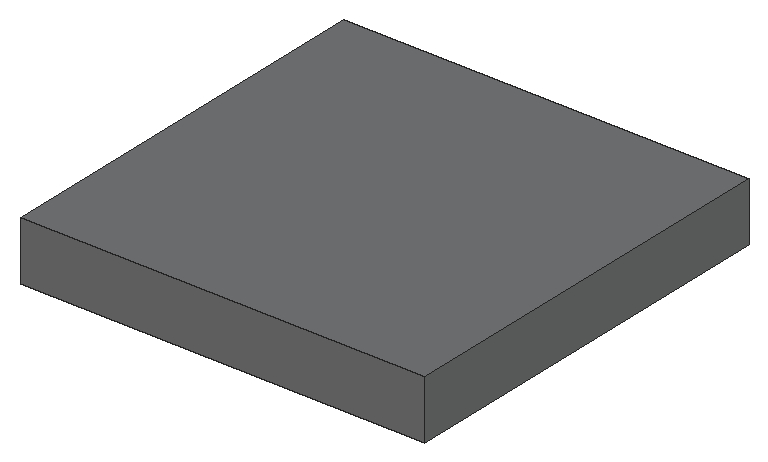
Revit family "Gira_026828", category Electrical Fixtures, host Face, Revit 2017
Family settings
  Host = Face
  Maintain Annotation Orientation = No
  Round Connector Dimension = Use Diameter
  Part Type = Normal
  Cut with Voids When Loaded = No
  Shared = No
  Room Calculation Point = No
Parameters (values of type "Blank cov.pl. sup.ring System 55 anthra.")
  With strain relief = "No"
  With imprint = "No"
  With hinged lid = "No"
  With dust cover = "No"
  Utilization = "Blind cap"
  URL = "http://katalog.gira.de/en/datenblatt.html?artikelnr=026828"
  Type of fastening = "Mounting with screw"
  Transparent = "No"
  Surface protection = "Other"
  Surface finishing = "Not applicable"
  Support ring = "Yes"
  Suitable for degree of protection (IP) = "IP20"
  Name = "Blank cov.pl. sup.ring System 55 anthra."
  Mounting method = "Flush mounted (plaster)"
  Material quality = "Thermoplastic"
  Material = "Plastic"
  Manufacturer URL = "https://www.gira.de/"
  Manufacturer = "Gira"
  Luster terminal = "No"
  Keynote = ""
  Imprintable label = "Without indication field"
  HeinzeBIM = "https://bimportal.heinze.de/bim/blank-cov-pl-sup-ring-system-55-anthra-/7f3e2bd677397e55877b72f0f19d3fd5c749fbce"
  Halogen free = "Yes"
  HAN = "026828"
  GTIN = "4010337268284"
  Description = "Bl.cov.pl.sup.r. Sys55 AN,Blank cover plate with support ring,,anthracite,Notes :,- For screw mounting only."
  Default Elevation = 1219.2 mm
  Data sheet (1) = "https://katalog.gira.de/en/download.html?artikelnr=026828"
  Colour = "Anthracite"
  Category = "Insert/cover for communication technology"
  BIM (1) = "https://media.stage.bim.site/public/gira/36a6b08/Sys55_Abdeckung_Schalten und Tasten.rfa?public/gira/36a6b08/Sys55_Abdeckung_Schalten und Tasten.rfa"
  Available = "No"
  Assembly arrangement = "Central cover plate"
  Anthrazit [instance] = Anthrazit
Reference planes
  plane 1 "Center (Front/Back)": y = 0
  plane 2: z = 0
  plane 3 "Center (Left/Right)": x = 0
Forms (mm)
  Extrusion 1, solid, material "Anthrazit" <- "Anthrazit", detail levels fine
    sketch origin (0, 0, 0) x (1, 0, 0) y (0, 1, 0)
      loop
        line (-27.5, 27.5) -> (-27.5, -27.5) -> (27.5, -27.5) -> (27.5, 27.5) -> (-27.5, 27.5)
    from 0 to 8
  Extrusion 2, void
    sketch origin (0, 0, 0) x (1, 0, 0) y (0, 1, 0)
      loop
        line (26, 26) -> (-26, 26) -> (-26, -26) -> (26, -26) -> (26, 26)
    from 0 to 6
  Extrusion 3, solid, material "Anthrazit" <- "Anthrazit", detail levels medium
    sketch origin (0, 0, 0) x (1, 0, 0) y (0, 1, 0)
      loop
        line (-27.5, 27.5) -> (-27.5, -27.5) -> (27.5, -27.5) -> (27.5, 27.5) -> (-27.5, 27.5)
    from 0 to 8
  Extrusion 4, solid, material "Anthrazit" <- "Anthrazit", detail levels medium
    sketch origin (0, 0, 0) x (1, 0, 0) y (0, 1, 0)
      loop
        line (11, -17.5) -> (11, 17.5) -> (-11, 17.5) -> (-11, -17.5) -> (11, -17.5)
    from -6 to 6
  Extrusion 5, solid, material "Anthrazit" <- "Anthrazit", detail levels fine
    sketch origin (0, 0, 0) x (1, 0, 0) y (0, 1, 0)
      loop
        line (11, 17.5) -> (-11, 17.5) -> (-11, 16.5) -> (11, 16.5) -> (11, 17.5)
      loop
        line (-11, -16.5) -> (-11, -17.5) -> (11, -17.5) -> (11, -16.5) -> (-11, -16.5)
    from -4 to 6
  Extrusion 6, solid, material "Anthrazit" <- "Anthrazit", detail levels fine
    sketch origin (0, 0, 0) x (1, 0, 0) y (0, 1, 0)
      loop
        arc (5, 9.347) -> (0, 10.6) -> (-5, 9.347) r 10.6
        line (-5, 9.347) -> (-5, -9.347)
        arc (-5, -9.347) -> (0, -10.6) -> (5, -9.347) r 10.6
        line (5, -9.347) -> (5, 9.347)
    from -6 to 6
  Extrusion 7, solid, material "Anthrazit" <- "Anthrazit", detail levels coarse
    sketch origin (0, 0, 0) x (1, 0, 0) y (0, 1, 0)
      loop
        line (-27.5, 27.5) -> (-27.5, -27.5) -> (27.5, -27.5) -> (27.5, 27.5) -> (-27.5, 27.5)
    from -6 to 8
Cuts and joins
  Extrusion 2 cuts Extrusion 1
Dimensions and locks
  aligned and locked: plane 2 to host face
  aligned and locked: level to host face
